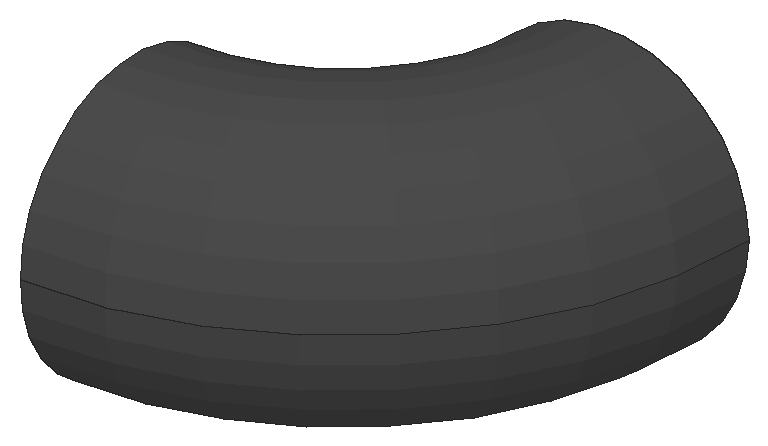
Revit family "Pam_Curvas", category Pipe Fittings, Revit 2025
Family settings
  Round Connector Dimension = Use Diameter
  Part Type = Elbow
  Work Plane-Based = No
  Always vertical = Yes
  Cut with Voids When Loaded = No
  Shared = Yes
Parameters
  Nominal Radius [instance] = Nominal Diameter / 2  # 100.0 mm
  Nominal Diameter [instance] = 200.0 mm
  Material_Conexao [instance] = FOFO
  Manufacturer = "SGC"
  Loss Method = Not Defined
  Tabela [instance] = "Pam_Curvas"
  Description = "Sistema Pam"
  Default Elevation = 0.0 mm
  Corpo_R [instance] = if(Corpo_A = 90.00°, Corpo_L, Corpo_L / tan(A2))  # 220.0 mm
  Corpo_L [instance] = size_lookup(Tabela, "Corpo_L", 120.0 mm, Nominal Diameter, Angle)  # 220.0 mm
  EK7 [instance] = size_lookup(Tabela, "EK7", 5.2 mm, Nominal Diameter)  # 5.4 mm
  Corpo_DE1 [instance] = Bolsa_DE1 + EK7  # 116.4 mm
  Corpo_A [instance] = size_lookup(Tabela, "Corpo_A", 90.00°, Nominal Diameter, Angle)  # 90.00°
  Bolsa_P1 [instance] = size_lookup(Tabela, "Bolsa_P", 94.5 mm, Nominal Diameter)  # 106.5 mm
  Bolsa_DI1 [instance] = size_lookup(Tabela, "Bolsa_DI", 121.0 mm, Nominal Diameter) / 2  # 112.5 mm
  Bolsa_DE1 [instance] = size_lookup(Tabela, "Bolsa_DE", 118.0 mm, Nominal Diameter) / 2  # 111.0 mm
  Bolsa_B1 [instance] = size_lookup(Tabela, "Bolsa_B", 168.0 mm, Nominal Diameter) / 2  # 148.0 mm
  Angle [instance] = 90.00°
  A2 [instance] = Angle / 2  # 45.00°
Reference planes
  plane 1 "Center (Front/Back)": y = 0
  plane 2: z = 0
  plane 3 "Center (Left/Right)": x = -120
  plane 4: x = -340
  plane 5: y = 220
Forms (mm)
  Sweep 1, solid, material "FOFO" <- "Material_Conexao"
    path origin (0, 0, 0) x (1, 0, 0) y (0, 1, 0)
      loop
        arc (-340, 0) -> (-184.437, 64.437) -> (-120, 220) r 220
    profile origin (-184.437, 64.437, 0) x (-0.707107, 0.707107, 0) y (0, 0, 1)
      loop
        circle (0, 0) r 116.4
Lines and regions (mm)
  reference lines
    curve 1: line (-340, 0, 0) -> (-120, 0, 0)
    curve 2: line (-120, 0, 0) -> (-120, 220, 0)
Dimensions and locks
  "Corpo_L": plane 4 to plane 3 "Center (Left/Right)"
  "Corpo_R": plane 5 to plane 1 "Center (Front/Back)"
  "Corpo_L": curve 1 to curve 1
  "Corpo_L": curve 2 to curve 2
  "Corpo_R": radius of Sweep 1 sketch curve
  "Corpo_DE1": radius of Sweep 1 sketch curve
  "Angle": angle Sweep 1 sketch curve to Sweep 1 sketch curve
  "Angle": angle plane 1 "Center (Front/Back)" to curve 2
  aligned and locked: Sweep 1 sketch curve to plane 4
  aligned and locked: plane 3 "Center (Left/Right)" to curve 2
  aligned and locked: plane 1 "Center (Front/Back)" to curve 2
  aligned and locked: Sweep 1 to curve 2
Automatic sketch dimensions
  plane 1 "Center (Front/Back)" to Sweep 1 sketch curve = 0.0 mm
  Sweep 1 sketch curve to level = 0.0 mm
  Sweep 1 sketch curve to profile plane = 0.0 mm
Connectors
  piping at (-120, 220, 0), diameter 200, driven by "Nominal Diameter", driven by "Angle"
    settings: on Sweep 1, index 1, connector inside diameter 609.6 mm, connector length 0.0 mm, flow factor 0, pipe flow 0 GPM, pressure drop 0.00 psi, fitting loss kfactor 0, connector angle 90.00°, fixture units 0, engagement length 0.0 mm, angle of deflection 0.00°, flow configuration 0, flow direction 0, fitting loss method 0, system type 28, joint type 0, gender type 0, connector reference index -1, connector utility 0, adjustable connector no, is connector primary yes, connector description ""
  piping at (-340, 0, 0), diameter 200, driven by "Nominal Diameter", driven by "Angle"
    settings: on Sweep 1, index 2, connector inside diameter 609.6 mm, connector length 0.0 mm, flow factor 0, pipe flow 0 GPM, pressure drop 0.00 psi, fitting loss kfactor 0, connector angle 90.00°, fixture units 0, engagement length 0.0 mm, angle of deflection 0.00°, flow configuration 0, flow direction 0, fitting loss method 0, system type 28, joint type 0, gender type 0, connector reference index -1, connector utility 0, adjustable connector no, is connector primary no, connector description ""
